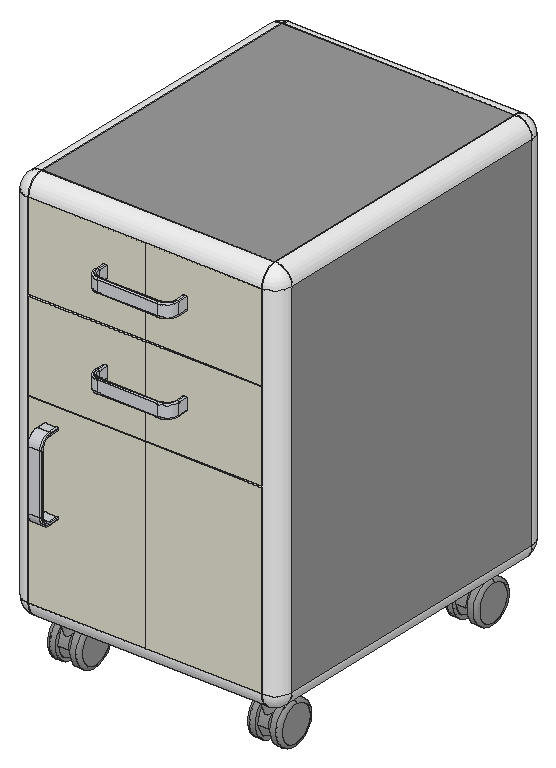
Revit family "Тумба медицинская подкатная с 2-мя ящиками и дверцей ДМ-2-007-03", category Оборудование, Revit 2017
Family settings
  Размер круглого соединителя = Использовать диаметр
  Тип детали = Нормальный
  На основе рабочей плоскости = Нет
  Всегда вертикально = Да
  При загрузке вырезать с полостями = Нет
  Общий = Нет
  Точка расчета площади = Нет
Parameters (values of type "Тип")
  Фасад = Столешница медицинской мебели ДСП с пластиковым покрытием
  Ручки = Алюминий 7075
  Панели = Пластмасса, непрозрачная, белая
  Общ_Ширина = 400.0 mm
  Общ_Тип, марка = "ДМ-2-007-03"
  Общ_Примечание КР [instance] = ""
  Общ_Примечание АР [instance] = ""
  Общ_Примечание = ""
  Общ_Поставщик = "Доктор Мебель"
  Общ_Позиция = ""
  Общ_Наименование = "Тумба медицинская подкатная с 2-мя ящиками и дверцей"
  Общ_Масса = ""
  Общ_Код продукции = ""
  Общ_Единицы измерения = "шт."
  Общ_Глубина = 500.0 mm
  Общ_Высота = 670.0 mm
  Ножки = Пластмасса, непрозрачная, черная
  Keynote = ""
  Каркас = Алюминий 7075
  Длина ручек = 120.0 mm
  Model = ""
Reference planes
  plane 1 "По центру (Вперед/Назад)": y = 0
  plane 2: z = 0
  plane 3 "По центру (Влево/Вправо)": x = 0
  plane 4: x = 200
  plane 5: x = -200
  plane 6: y = 250
  plane 7: y = -250
  plane 8: y = 225
  plane 9: y = -225
  plane 10: x = 175
  plane 11: x = -175
  plane 12: z = 670
  plane 13: z = 645
  plane 14: z = 75
  plane 15: z = 100
Forms (mm)
  Extrusion 1, solid, material "Алюминий 7075" <- "Каркас", detail levels fine
    sketch origin (0, 0, 0) x (1, 0, 0) y (0, 1, 0)
      loop
        arc (-175, 250) -> (-192.678, 242.678) -> (-200, 225) r 25
        line (-200, 225) -> (-175, 225) -> (-175, 250)
      loop
        line (175, 250) -> (175, 225) -> (200, 225)
        arc (200, 225) -> (192.678, 242.678) -> (175, 250) r 25
      loop
        line (200, -225) -> (175, -225) -> (175, -250)
        arc (175, -250) -> (192.678, -242.678) -> (200, -225) r 25
      loop
        line (-175, -250) -> (-175, -225) -> (-200, -225)
        arc (-200, -225) -> (-192.678, -242.678) -> (-175, -250) r 25
    from 645 to 100
  Extrusion 2, solid, material "Пластмасса, непрозрачная, белая" <- "Панели", detail levels fine
    sketch origin (0, 0, 0) x (1, 0, 0) y (0, 1, 0)
      loop
        line (-175, 225) -> (-175, -225) -> (175, -225) -> (175, 225) -> (-175, 225)
    from 654 to 670
  Extrusion 3, solid, material "Столешница медицинской мебели ДСП с пластиковым покрытием" <- "Фасад", detail levels fine
    sketch origin (0, 0, 0) x (1, 0, 0) y (0, 1, 0)
      loop
        line (175, -234) -> (1, -234) -> (-175, -234) -> (-175, -250) -> (1, -250) -> (175, -250) -> (175, -234)
    from 100 to 645
  Revolve 4, solid, material "Алюминий 7075" <- "Каркас", detail levels fine
    sketch origin (0, 225, 170) x (-1, 0, 0) y (0, 0, 1)
      loop
        arc (-175, 500) -> (-192.678, 492.678) -> (-200, 475) r 25
        line (-200, 475) -> (-175, 475) -> (-175, 500)
      axis (-175, 500) -> (-175, 475)
    angle from 0 to -90
  Revolve 5, solid, material "Алюминий 7075" <- "Каркас", detail levels fine
    sketch origin (0, 225, 170) x (-1, 0, 0) y (0, 0, 1)
      loop
        line (175, 500) -> (175, 475) -> (200, 475)
        arc (200, 475) -> (192.678, 492.678) -> (175, 500) r 25
      axis (175, 500) -> (175, 475)
    angle from 0 to -90
  Revolve 6, solid, material "Алюминий 7075" <- "Каркас", detail levels fine
    sketch origin (0, -225, 170) x (-1, 0, 0) y (0, 0, -1)
      loop
        line (-175, -500) -> (-175, -475) -> (-200, -475)
        arc (-200, -475) -> (-192.678, -492.678) -> (-175, -500) r 25
      axis (-175, -500) -> (-175, -475)
    angle from 0 to -90
  Revolve 7, solid, material "Алюминий 7075" <- "Каркас", detail levels fine
    sketch origin (0, -225, 170) x (-1, 0, 0) y (0, 0, -1)
      loop
        arc (175, -500) -> (192.678, -492.678) -> (200, -475) r 25
        line (200, -475) -> (175, -475) -> (175, -500)
      axis (175, -500) -> (175, -475)
    angle from 0 to -90
  Extrusion 8, solid, material "Алюминий 7075" <- "Каркас", detail levels fine
    sketch origin (-200, 760, 170) x (0, 1, 0) y (0, 0, 1)
      loop
        arc (-510, 475) -> (-517.322, 492.678) -> (-535, 500) r 25
        line (-535, 500) -> (-535, 475) -> (-510, 475)
      loop
        line (-1010, 475) -> (-985, 475) -> (-985, 500)
        arc (-985, 500) -> (-1002.678, 492.678) -> (-1010, 475) r 25
    from 25 to 375
  Extrusion 9, solid, material "Алюминий 7075" <- "Каркас", detail levels fine
    sketch origin (-200, 760, 490) x (0, 1, 0) y (0, 0, 1)
      loop
        line (-510, -390) -> (-535, -390) -> (-535, -415)
        arc (-535, -415) -> (-517.322, -407.678) -> (-510, -390) r 25
      loop
        arc (-1010, -390) -> (-1002.678, -407.678) -> (-985, -415) r 25
        line (-985, -415) -> (-985, -390) -> (-1010, -390)
    from 25 to 375
  Extrusion 10, solid, material "Пластмасса, непрозрачная, белая" <- "Панели", detail levels fine
    sketch origin (0, 0, 0) x (1, 0, 0) y (0, 1, 0)
      loop
        line (-200, -225) -> (175, -225) -> (200, -225) -> (200, 225) -> (175, 225) -> (175, 250) -> (-175, 250) -> (-175, 225) -> (-200, 225) -> (-200, -225)
    from 100 to 645
  Revolve 11, solid, material "Алюминий 7075" <- "Каркас", detail levels fine
    sketch origin (0, 225, 575) x (-1, 0, 0) y (0, 0, 1)
      loop
        line (-175, -500) -> (-175, -475) -> (-200, -475)
        arc (-200, -475) -> (-192.678, -492.678) -> (-175, -500) r 25
      axis (-175, -500) -> (-175, -475)
    angle from 0 to -90
  Revolve 12, solid, material "Алюминий 7075" <- "Каркас", detail levels fine
    sketch origin (0, 225, 575) x (-1, 0, 0) y (0, 0, 1)
      loop
        arc (175, -500) -> (192.678, -492.678) -> (200, -475) r 25
        line (200, -475) -> (175, -475) -> (175, -500)
      axis (175, -500) -> (175, -475)
    angle from 0 to -90
  Revolve 13, solid, material "Алюминий 7075" <- "Каркас", detail levels fine
    sketch origin (0, -225, 575) x (-1, 0, 0) y (0, 0, -1)
      loop
        arc (-175, 500) -> (-192.678, 492.678) -> (-200, 475) r 25
        line (-200, 475) -> (-175, 475) -> (-175, 500)
      axis (-175, 500) -> (-175, 475)
    angle from 0 to -90
  Revolve 14, solid, material "Алюминий 7075" <- "Каркас", detail levels fine
    sketch origin (0, -225, 575) x (-1, 0, 0) y (0, 0, -1)
      loop
        line (175, 500) -> (175, 475) -> (200, 475)
        arc (200, 475) -> (192.678, 492.678) -> (175, 500) r 25
      axis (175, 500) -> (175, 475)
    angle from 0 to -90
  Extrusion 15, solid, material "Алюминий 7075" <- "Каркас", detail levels fine
    sketch origin (-590, -250, 170) x (-1, 0, 0) y (0, 0, 1)
      loop
        arc (-390, 475) -> (-397.322, 492.678) -> (-415, 500) r 25
        line (-415, 500) -> (-415, 475) -> (-390, 475)
      loop
        line (-790, 475) -> (-765, 475) -> (-765, 500)
        arc (-765, 500) -> (-782.678, 492.678) -> (-790, 475) r 25
    from 25 to 475
  Extrusion 16, void
    sketch origin (-590, -250, 1200) x (1, 0, 0) y (0, 0, 1)
      loop
        line (415, -822.5) -> (765, -822.5) -> (765, -820.5) -> (415, -820.5) -> (415, -822.5)
      loop
        line (415, -687.5) -> (765, -687.5) -> (765, -685.5) -> (415, -685.5) -> (415, -687.5)
    from 0 to -5
  Extrusion 17, solid, material "Алюминий 7075" <- "Каркас", detail levels fine
    sketch origin (-590, -250, 575) x (-1, 0, 0) y (0, 0, 1)
      loop
        line (-390, -475) -> (-415, -475) -> (-415, -500)
        arc (-415, -500) -> (-397.322, -492.678) -> (-390, -475) r 25
      loop
        arc (-790, -475) -> (-782.678, -492.678) -> (-765, -500) r 25
        line (-765, -500) -> (-765, -475) -> (-790, -475)
    from 25 to 475
Cuts and joins
  Extrusion 16 cuts Extrusion 3
Lines and regions (mm)
  symbolic lines, detail levels coarse+medium
    curve 1: line (-200, 250, 0) -> (200, 250, 0)
    curve 2: line (-200, -250, 0) -> (-200, 250, 0)
    curve 3: line (200, -250, 0) -> (-200, -250, 0)
    curve 4: line (200, 250, 0) -> (200, -250, 0)
    curve 5: line (-200, -250, 0) -> (0, 250, 0)
    curve 6: line (200, -250, 0) -> (0, 250, 0)
Dimensions and locks
  "Общ_Глубина": plane 6 to plane 7
  locked: plane 9 to plane 7 at 25
  locked: plane 6 to plane 8 at 25
  equal spacing: plane 6, plane 1 "По центру (Вперед/Назад)", plane 7
  equal spacing: plane 5, plane 3 "По центру (Влево/Вправо)", plane 4
  "Общ_Ширина": plane 5 to plane 4
  locked: plane 5 to plane 11 at 25
  locked: plane 10 to plane 4 at 25
  "Общ_Высота": plane 12 to level
  locked: Extrusion 2 to Extrusion 2 at 16
  aligned and locked: level to plane 2
  aligned and locked: Extrusion 15 to Extrusion 1
  aligned and locked: Extrusion 8 to Extrusion 1
  aligned and locked: Extrusion 9 to Extrusion 1
  aligned and locked: Extrusion 1 to Revolve 4
  aligned and locked: Extrusion 1 to Extrusion 3
  aligned and locked: Extrusion 3 to Extrusion 9
  aligned and locked: Extrusion 10 to Extrusion 9
  aligned and locked: Extrusion 1 to Extrusion 9
Automatic sketch dimensions
  curve 3 to plane 5 = 0.0 mm
  curve 5 to plane 3 "По центру (Влево/Вправо)" = 0.0 mm
  curve 3 to plane 4 = 0.0 mm
  curve 3 to plane 7 = 0.0 mm
  curve 2 to plane 6 = 0.0 mm
  Extrusion 1 sketch curve to plane 5 = 0.0 mm  (x2)
  Extrusion 1 sketch curve to plane 8 = 0.0 mm
  Extrusion 1 sketch curve to plane 11 = 0.0 mm  (x2)
  plane 9 to Extrusion 1 sketch curve = 0.0 mm  (x2)
  Extrusion 1 sketch curve to plane 6 = 0.0 mm
  Extrusion 1 sketch curve to plane 10 = 0.0 mm  (x2)
  Extrusion 1 sketch curve to plane 4 = 0.0 mm  (x2)
  plane 9 to Extrusion 2 sketch curve = 0.0 mm
  Extrusion 2 sketch curve to plane 11 = 0.0 mm
  Extrusion 2 sketch curve to plane 10 = 0.0 mm
  Extrusion 2 sketch curve to plane 8 = 0.0 mm
  Extrusion 3 sketch curve to plane 11 = 0.0 mm
  Extrusion 3 sketch curve to plane 7 = 0.0 mm
  Extrusion 3 sketch curve to plane 10 = 0.0 mm
  plane 3 "По центру (Влево/Вправо)" to Extrusion 3 sketch curve = 1.0 mm  (x2)
  plane 9 to Extrusion 3 sketch curve = 9.0 mm
  Revolve 4 sketch curve to plane 4 = 0.0 mm
  plane 10 to Revolve 4 sketch curve = 0.0 mm  (x2)
  Revolve 4 sketch curve to plane 13 = 0.0 mm
  Revolve 4 sketch curve to Revolve 4 sketch curve = 25.0 mm
  Revolve 4 sketch curve to plane 12 = 35.0 mm
  Revolve 5 sketch curve to plane 11 = 0.0 mm  (x2)
  Revolve 5 sketch curve to plane 5 = 0.0 mm
  Revolve 5 sketch curve to plane 13 = 0.0 mm
  Revolve 5 sketch curve to Revolve 5 sketch curve = 10.0 mm
  Revolve 5 sketch curve to plane 12 = 18.44 mm
  Revolve 6 sketch curve to plane 4 = 0.0 mm
  plane 10 to Revolve 6 sketch curve = 0.0 mm  (x2)
  Revolve 6 sketch curve to plane 12 = 0.0 mm
  Revolve 6 sketch curve to Revolve 6 sketch curve = 35.0 mm
  plane 13 to Revolve 6 sketch curve = 25.0 mm
  Revolve 7 sketch curve to plane 11 = 0.0 mm  (x2)
  Revolve 7 sketch curve to plane 5 = 0.0 mm
  Revolve 7 sketch curve to plane 12 = 0.0 mm
  Revolve 7 sketch curve to Revolve 7 sketch curve = 18.44 mm
  Revolve 7 sketch curve to Revolve 7 sketch curve = 10.0 mm
  Extrusion 8 sketch curve to plane 7 = 0.0 mm
  Extrusion 8 sketch curve to plane 9 = 0.0 mm
  Extrusion 8 sketch curve to plane 8 = 0.0 mm
  Extrusion 8 sketch curve to plane 6 = 0.0 mm
  plane 13 to Extrusion 8 sketch curve = 0.0 mm  (x2)
  Extrusion 9 sketch curve to plane 7 = 0.0 mm
  Extrusion 9 sketch curve to plane 9 = 0.0 mm
  Extrusion 9 sketch curve to plane 8 = 0.0 mm
  Extrusion 9 sketch curve to plane 6 = 0.0 mm
  Extrusion 9 sketch curve to plane 14 = 0.0 mm  (x2)
  Extrusion 10 sketch curve to plane 5 = 0.0 mm
  Extrusion 10 sketch curve to plane 6 = 0.0 mm
  Extrusion 10 sketch curve to plane 11 = 0.0 mm
  Extrusion 10 sketch curve to plane 10 = 0.0 mm  (x2)
  plane 9 to Extrusion 10 sketch curve = 0.0 mm
  Extrusion 10 sketch curve to plane 4 = 0.0 mm
  Extrusion 10 sketch curve to plane 8 = 0.0 mm  (x2)
  Revolve 11 sketch curve to plane 4 = 0.0 mm
  plane 10 to Revolve 11 sketch curve = 0.0 mm  (x2)
  Revolve 11 sketch curve to plane 14 = 0.0 mm
  Revolve 11 sketch curve to plane 14 = 35.0 mm
  Revolve 11 sketch curve to Revolve 11 sketch curve = 25.0 mm
  Revolve 12 sketch curve to plane 11 = 0.0 mm  (x2)
  Revolve 12 sketch curve to plane 5 = 0.0 mm
  Revolve 12 sketch curve to plane 14 = 0.0 mm
  Revolve 12 sketch curve to plane 14 = 18.44 mm
  Revolve 12 sketch curve to Revolve 12 sketch curve = 10.0 mm
  Revolve 13 sketch curve to plane 4 = 0.0 mm
  plane 10 to Revolve 13 sketch curve = 0.0 mm  (x2)
  Revolve 13 sketch curve to plane 15 = 0.0 mm
  Revolve 13 sketch curve to Revolve 13 sketch curve = 25.0 mm
  Revolve 13 sketch curve to plane 14 = 35.0 mm
  Revolve 14 sketch curve to plane 11 = 0.0 mm  (x2)
  Revolve 14 sketch curve to plane 5 = 0.0 mm
  Revolve 14 sketch curve to plane 15 = 0.0 mm
  Revolve 14 sketch curve to Revolve 14 sketch curve = 10.0 mm
  Revolve 14 sketch curve to plane 14 = 18.44 mm
  Extrusion 15 sketch curve to plane 4 = 0.0 mm
  plane 10 to Extrusion 15 sketch curve = 0.0 mm
  Extrusion 15 sketch curve to plane 11 = 0.0 mm
  Extrusion 15 sketch curve to plane 5 = 0.0 mm
  Extrusion 15 sketch curve to plane 13 = 0.0 mm  (x2)
  Extrusion 16 sketch curve to plane 11 = 0.0 mm  (x2)
  plane 10 to Extrusion 16 sketch curve = 0.0 mm  (x2)
  plane 13 to Extrusion 16 sketch curve = 267.5 mm
  Extrusion 16 sketch curve to Extrusion 16 sketch curve = 2.0 mm  (x2)
  plane 13 to Extrusion 16 sketch curve = 132.5 mm
  Extrusion 17 sketch curve to plane 4 = 0.0 mm
  plane 10 to Extrusion 17 sketch curve = 0.0 mm
  Extrusion 17 sketch curve to plane 11 = 0.0 mm
  Extrusion 17 sketch curve to plane 5 = 0.0 mm
  Extrusion 17 sketch curve to plane 14 = 0.0 mm  (x2)
Nested families
  nested 1: "Ручка дверная для корпусной мебели травмобезопасная" at (0, -250, 450), Материал <- "Ручки", Длина <- "Длина ручек", type "Горизонтальная", detail levels fine
    with Материал Алюминий 7075, Длина 120.0 mm
  nested 2: "Ручка дверная для корпусной мебели травмобезопасная" at (-140, -250, 288.312) x (-1, 0, 0) z (0, 0, 1), Материал <- "Ручки", Длина <- "Длина ручек", type "Вертикальная", detail levels fine
    with Материал Алюминий 7075, Длина 120.0 mm
  nested 3: "Колесо для офисной мебели" at (150, 200, 0), type "Тип", detail levels fine
    with GKS_TH_Примечание ЭМ "", GKS_TH_Примечание СпецВода "", GKS_TH_Примечание СС "", GKS_TH_Примечание ОВ "", GKS_TH_Примечание МГ "", GKS_TH_Примечание КР "", GKS_TH_Примечание ВК "", GKS_TH_Примечание АР ""
  nested 4: "Колесо для офисной мебели" at (-150, 200, 0) x (-1, 0, 0) z (0, 0, 1), type "Тип", detail levels fine
    with GKS_TH_Примечание ЭМ "", GKS_TH_Примечание СпецВода "", GKS_TH_Примечание СС "", GKS_TH_Примечание ОВ "", GKS_TH_Примечание МГ "", GKS_TH_Примечание КР "", GKS_TH_Примечание ВК "", GKS_TH_Примечание АР ""
  nested 5: "Колесо для офисной мебели" at (150, -200, 0), type "Тип", detail levels fine
    with GKS_TH_Примечание ЭМ "", GKS_TH_Примечание СпецВода "", GKS_TH_Примечание СС "", GKS_TH_Примечание ОВ "", GKS_TH_Примечание МГ "", GKS_TH_Примечание КР "", GKS_TH_Примечание ВК "", GKS_TH_Примечание АР ""
  nested 6: "Колесо для офисной мебели" at (-150, -200, 0) x (-1, 0, 0) z (0, 0, 1), type "Тип", detail levels fine
    with GKS_TH_Примечание ЭМ "", GKS_TH_Примечание СпецВода "", GKS_TH_Примечание СС "", GKS_TH_Примечание ОВ "", GKS_TH_Примечание МГ "", GKS_TH_Примечание КР "", GKS_TH_Примечание ВК "", GKS_TH_Примечание АР ""
  nested 7: "Ручка дверная для корпусной мебели травмобезопасная" at (0, -250, 585), Материал <- "Ручки", Длина <- "Длина ручек", type "Горизонтальная", detail levels fine
    with Материал Алюминий 7075, Длина 120.0 mm
Definition of nested family "Ручка дверная для корпусной мебели травмобезопасная"
  Parameters (values of type "Вертикальная")
    Материал [instance] = none
    Keynote = ""
    Длина [instance] = 200.0 mm
    Model = ""
    Горизонтальная = no
    Вертикальная = yes
  Types (2, lengths in mm): name | Горизонтальная | Вертикальная
    Вертикальная | no | yes
    Горизонтальная | yes | no
  Reference planes
    plane 1 "По центру (Вперед/Назад)": y = 0
    plane 2: z = 0
    plane 3 "По центру (Влево/Вправо)": x = 0
    plane 4: z = 100
    plane 5: z = -100
    plane 6: x = -100
    plane 7: x = 100
  Forms (mm)
    Sweep 1, solid, visible <- "Вертикальная"
      path origin (-700, -1524, 571.719) x (0, 0, 1) y (0, -1, 0)
        loop
          line (-471.719, -1524) -> (-471.719, -1509)
          arc (-471.719, -1509) -> (-476.113, -1498.393) -> (-486.719, -1494) r 15
          line (-486.719, -1494) -> (-656.719, -1494)
          arc (-656.719, -1494) -> (-667.326, -1498.393) -> (-671.719, -1509) r 15
          line (-671.719, -1509) -> (-671.719, -1524)
      profile origin (-700, -7.5, 100) x (0, 0, -1) y (1, 0, 0)
        loop
          line (2.5, 691.5) -> (2.5, 708.5)
          arc (2.5, 708.5) -> (2.061, 709.561) -> (1, 710) r 1.5
          line (1, 710) -> (-1, 710)
          arc (-1, 710) -> (-2.061, 709.561) -> (-2.5, 708.5) r 1.5
          line (-2.5, 708.5) -> (-2.5, 691.5)
          arc (-2.5, 691.5) -> (-2.061, 690.439) -> (-1, 690) r 1.5
          line (-1, 690) -> (1, 690)
          arc (1, 690) -> (2.061, 690.439) -> (2.5, 691.5) r 1.5
    Sweep 2, solid, visible <- "Горизонтальная"
      path origin (-571.719, -1524, -700) x (-1, 0, 0) y (0, -1, 0)
        loop
          line (-471.719, -1524) -> (-471.719, -1509)
          arc (-471.719, -1509) -> (-476.113, -1498.393) -> (-486.719, -1494) r 15
          line (-486.719, -1494) -> (-656.719, -1494)
          arc (-656.719, -1494) -> (-667.326, -1498.393) -> (-671.719, -1509) r 15
          line (-671.719, -1509) -> (-671.719, -1524)
      profile origin (-100, -7.5, -700) x (1, 0, 0) y (0, 0, 1)
        loop
          line (2.5, 691.5) -> (2.5, 708.5)
          arc (2.5, 708.5) -> (2.061, 709.561) -> (1, 710) r 1.5
          line (1, 710) -> (-1, 710)
          arc (-1, 710) -> (-2.061, 709.561) -> (-2.5, 708.5) r 1.5
          line (-2.5, 708.5) -> (-2.5, 691.5)
          arc (-2.5, 691.5) -> (-2.061, 690.439) -> (-1, 690) r 1.5
          line (-1, 690) -> (1, 690)
          arc (1, 690) -> (2.061, 690.439) -> (2.5, 691.5) r 1.5
  Dimensions and locks
    "Длина": plane 4 to plane 5
    "Длина": plane 7 to plane 6
    equal spacing: plane 7, plane 3 "По центру (Влево/Вправо)", plane 6
    equal spacing: plane 4, level, plane 5
    aligned and locked: level to plane 2
    aligned and locked: plane 4 to Sweep 1 sketch curve
    aligned and locked: Sweep 1 sketch curve to plane 5
    aligned and locked: plane 7 to Sweep 2 sketch curve
    aligned and locked: Sweep 2 sketch curve to plane 6
  Automatic sketch dimensions
    Sweep 1 sketch curve to plane 1 "По центру (Вперед/Назад)" = 0.0 mm  (x2)
    plane 5 to Sweep 1 sketch curve = 15.0 mm
    plane 1 "По центру (Вперед/Назад)" to Sweep 1 sketch curve = 15.0 mm
    Sweep 1 sketch curve to plane 4 = 15.0 mm
    profile plane to Sweep 1 sketch curve = 2.5 mm
    profile plane to Sweep 1 sketch curve = 1.0 mm  (x2)
    Sweep 1 sketch curve to profile plane = 1.0 mm  (x2)
    Sweep 1 sketch curve to Sweep 1 sketch curve = 1.5 mm
    profile plane to Sweep 1 sketch curve = 690.0 mm
    Sweep 1 sketch curve to Sweep 1 sketch curve = 17.0 mm
    profile plane to Sweep 2 sketch curve = 2.5 mm
    profile plane to Sweep 2 sketch curve = 1.0 mm  (x2)
    Sweep 2 sketch curve to profile plane = 1.0 mm  (x2)
    Sweep 2 sketch curve to Sweep 2 sketch curve = 1.5 mm
    profile plane to Sweep 2 sketch curve = 690.0 mm
    Sweep 2 sketch curve to Sweep 2 sketch curve = 17.0 mm
    plane 1 "По центру (Вперед/Назад)" to Sweep 2 sketch curve = 0.0 mm  (x2)
    Sweep 2 sketch curve to plane 7 = 15.0 mm
    plane 1 "По центру (Вперед/Назад)" to Sweep 2 sketch curve = 15.0 mm
    plane 6 to Sweep 2 sketch curve = 15.0 mm
Definition of nested family "Колесо для офисной мебели"
  Parameters (values of type "Тип")
    Keynote = ""
    Model = "ТХ"  # constant formula
    GKS_TH_Цена_3 = 0
    GKS_TH_Цена_2 = 0
    GKS_TH_Цена_1 = 0
    GKS_TH_Примечание ЭМ [instance] = ""
    GKS_TH_Примечание СпецВода [instance] = ""
    GKS_TH_Примечание СС [instance] = ""
    GKS_TH_Примечание ОВ [instance] = ""
    GKS_TH_Примечание МГ [instance] = ""
    GKS_TH_Примечание КР [instance] = ""
    GKS_TH_Примечание ВК [instance] = ""
    GKS_TH_Примечание АР [instance] = ""
    GKS_TH_КодТСН = ""
    GKS_TH_Источник_3 = ""
    GKS_TH_Источник_2 = ""
    GKS_TH_Источник_1 = ""
  Reference planes
    plane 1 "По центру (Вперед/Назад)": y = 0
    plane 2: z = 0
    plane 3 "По центру (Влево/Вправо)": x = 0
  Forms (mm)
    Extrusion 1, solid
      sketch origin (-0.139, 104.186, 0) x (0, -1, 0) y (0, 0, 1)
        loop
          arc (149.336, 32.485) -> (140.525, 53.92) -> (119.186, 62.96) r 30.477
          arc (119.186, 62.96) -> (97.847, 53.92) -> (89.036, 32.485) r 30.477
          line (89.036, 32.485) -> (95.536, 32.485)
          arc (95.536, 32.485) -> (102.443, 49.324) -> (119.186, 56.46) r 23.977
          arc (119.186, 56.46) -> (135.929, 49.324) -> (142.836, 32.485) r 23.977
          line (142.836, 32.485) -> (149.336, 32.485)
      from -8 to 8
    Revolve 2, solid
      sketch origin (23.908, -15.007, 1200) x (-1, 0, 0) y (0, 0, 1)
        loop
          line (-0.937, -1141.717) -> (13.078, -1141.717) -> (13.078, -1137.006) -> (4.104, -1137.006)
          arc (4.104, -1137.006) -> (0.654, -1138.367) -> (-0.937, -1141.717) r 5.053
        axis (-0.937, -1168.5) -> (13.078, -1168.5)
      angle from 0 to 360
    Extrusion 3, solid
      sketch origin (-1.382, 6.475, 0) x (0, -1, 0) y (0, 0, 1)
        loop
          circle (21.482, 31.5) r 26.783
      from 9.8 to 22.25
    Revolve 4, solid
      sketch origin (-24.182, -15.007, 1200) x (1, 0, 0) y (0, 0, -1)
        loop
          arc (-0.937, 1141.717) -> (0.654, 1138.367) -> (4.104, 1137.006) r 5.053
          line (4.104, 1137.006) -> (13.078, 1137.006) -> (13.078, 1141.717) -> (-0.937, 1141.717)
        axis (-0.937, 1168.5) -> (13.078, 1168.5)
      angle from 0 to 360
    Extrusion 5, solid
      sketch origin (1.186, 6.475, 0) x (0, -1, 0) y (0, 0, -1)
        loop
          circle (21.482, -31.5) r 26.783
      from 9.8 to 22.25
    Revolve 6, solid
      sketch origin (0, 0, 0) x (1, 0, 0) y (0, 0, 1)
        loop
          line (0, 64.498) -> (-9.268, 64.498)
          arc (-9.268, 64.498) -> (-10.566, 63.96) -> (-11.104, 62.661) r 1.836
          line (-11.104, 62.661) -> (-11.104, 44.5)
          arc (-11.104, 44.5) -> (-7.743, 37.067) -> (0, 34.5) r 10.161
          line (0, 34.5) -> (0, 64.498)
        axis (0, 34.5) -> (0, 64.498)
      angle from 0 to 360
    Extrusion 7, solid
      sketch origin (0, 0, 0) x (1, 0, 0) y (0, 1, 0)
        loop
          circle (0, 0) r 6.35
      from 60 to 85
  Lines and regions (mm)
    symbolic lines, detail levels coarse+medium
      curve 1: line (-6.828, 0, 0) -> (6.828, 0, 0)
      curve 2: line (0, 6.828, 0) -> (0, -6.828, 0)
  Dimensions and locks
    aligned and locked: level to plane 2
